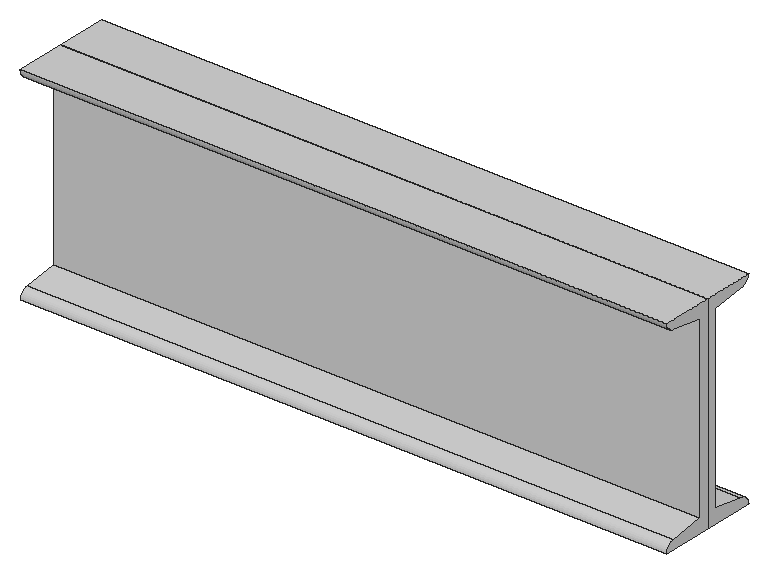
Revit family "07c9fe6157f34e94aa0a8daa9565012c", category Structural Framing, Revit 2021
Family settings
  Structural Framing Length Roundoff = 0' - 0"
  Section Shape = Not Defined
  Material for Model Behavior = Steel
  Always export as geometry = No
  OmniClass Number = 23.25.30.11.14.14
  OmniClass Title = Beams
  Seek Item ID = Double C-Channel-0000-USA-ENU
  Always vertical = Yes
  Cut with Voids When Loaded = No
  Symbolic Representation = From Project Settings
  Shared = No
  Show family pre-cut in plan views = Yes
Parameters (values of type "2C15X50")
  W = 100
  Structural Material [instance] = Steel ASTM A36
  Assembly Code = "B10"
  Length [instance] = 5' - 0"
  Space = 0' - 0"
  bf = 0' - 3 183/256"
  d = 1' - 3"
  tf = 0' - 0 83/128"
  tw = 0' - 0 183/256"
  A = 29.40 in²
Reference planes (in)
  plane 1 "Center (Front/Back)": y = 0
  plane 2: z = 0
  plane 3 "Center (Left/Right)": x = 0.1815
  plane 4 "Member Left": x = -27.8185
  plane 5 "Member Right": x = 19.1815
  plane 6: y = 3.71484
  plane 7: y = -3.71484
  plane 8: z = -7.5
  plane 9: y = 0
  plane 10: y = 0
  plane 11 "Left": x = -34.3185
  plane 12 "Right": x = 25.6815
  plane 13: z = 7.5
Forms (in)
  Sweep 1, solid, material "Steel ASTM A36" <- "Structural Material", detail levels fine
    path origin (0, 0, 0) x (1, 0, 0) y (0, 1, 0)
      loop
        line (19.1815, 0) -> (-27.8185, 0)
    profile "Double C-Channel-Profile-Fine : Double C-Channel-Profile-Fine" origin (-4.3185, 0, 0) x (0, -1, 0) y (0, 0, 1)
      loop
        line (0, -7.5) -> (3.71484, -7.5)
        arc (3.71484, -7.5) -> (3.52492, -7.04149) -> (3.06641, -6.85156) r 0.64844
        line (3.06641, -6.85156) -> (0.71484, -6.47911) -> (0.71484, 6.47911) -> (3.06641, 6.85156)
        arc (3.06641, 6.85156) -> (3.52492, 7.04149) -> (3.71484, 7.5) r 0.64844
        line (3.71484, 7.5) -> (0, 7.5) -> (0, -7.5)
  Sweep 2, solid, material "Steel ASTM A36" <- "Structural Material", detail levels medium
    path origin (0, 0, 0) x (1, 0, 0) y (0, 1, 0)
      loop
        line (19.1815, 0) -> (-27.8185, 0)
    profile "Double C-Channel-Profile-Medium : Double C-Channel-Profile-Medium" origin (-4.3185, 0, 0) x (0, -1, 0) y (0, 0, 1)
      loop
        line (0, -7.5) -> (0, 7.5) -> (-3.71484, 7.5) -> (-3.71484, 6.85156) -> (-0.71484, 6.37641) -> (-0.71484, -6.37641) -> (-3.71484, -6.85156) -> (-3.71484, -7.5) -> (0, -7.5)
  Sweep 3, solid, material "Steel ASTM A36" <- "Structural Material", detail levels fine
    path origin (0, 0, 0) x (1, 0, 0) y (0, -1, 0)
      loop
        line (19.1815, 0) -> (-27.8185, 0)
    profile "Double C-Channel-Profile-Fine : Double C-Channel-Profile-Fine" origin (-4.3185, 0, 0) x (0, -1, 0) y (0, 0, 1)
      loop
        line (0, -7.5) -> (0, 7.5) -> (-3.71484, 7.5)
        arc (-3.71484, 7.5) -> (-3.52492, 7.04149) -> (-3.06641, 6.85156) r 0.64844
        line (-3.06641, 6.85156) -> (-0.71484, 6.47911) -> (-0.71484, -6.47911) -> (-3.06641, -6.85156)
        arc (-3.06641, -6.85156) -> (-3.52492, -7.04149) -> (-3.71484, -7.5) r 0.64844
        line (-3.71484, -7.5) -> (0, -7.5)
  Sweep 4, solid, material "Steel ASTM A36" <- "Structural Material", detail levels medium
    path origin (0, 0, 0) x (1, 0, 0) y (0, -1, 0)
      loop
        line (19.1815, 0) -> (-27.8185, 0)
    profile "Double C-Channel-Profile-Medium : Double C-Channel-Profile-Medium" origin (-4.3185, 0, 0) x (0, -1, 0) y (0, 0, 1)
      loop
        line (0, -7.5) -> (3.71484, -7.5) -> (3.71484, -6.85156) -> (0.71484, -6.37641) -> (0.71484, 6.37641) -> (3.71484, 6.85156) -> (3.71484, 7.5) -> (0, 7.5) -> (0, -7.5)
Lines and regions (in)
  symbolic lines, style "Hidden Faces", detail levels medium+fine
    curve 1: line (-27.8185, 0.71484, 0) -> (19.1815, 0.71484, 0)
    curve 2: line (-27.8185, -0.71484, 0) -> (19.1815, -0.71484, 0)
  symbolic lines, style "Stick Symbols", detail levels coarse
    curve 3: line (0.1815, 3.71484, 7.5) -> (0.1815, 0, 7.5)
    curve 4: line (0.1815, 0, 7.5) -> (0.1815, 0, -7.5)
    curve 5: line (0.1815, 0, -7.5) -> (0.1815, 3.71484, -7.5)
    curve 6: line (0.1815, -3.71484, 7.5) -> (0.1815, 0, 7.5)
    curve 7: line (0.1815, 0, 7.5) -> (0.1815, 0, -7.5)
    curve 8: line (0.1815, 0, -7.5) -> (0.1815, -3.71484, -7.5)
Dimensions and locks (in)
  equal spacing: plane 9, plane 1 "Center (Front/Back)", plane 10
  "bf": plane 10 to plane 7
  "bf": plane 6 to plane 9
  "Space": plane 9 to plane 10
  "Length": plane 11 "Left" to plane 12 "Right"
  equal spacing: plane 13, level, plane 8
  "d": plane 13 to plane 8
  "tw": curve 2 to plane 10
  "tw": plane 9 to curve 1
  aligned and locked: Sweep 1 sketch curve to plane 1 "Center (Front/Back)"
  aligned and locked: Sweep 2 sketch curve to plane 1 "Center (Front/Back)"
  aligned and locked: plane 2 to level
  aligned and locked: plane 13 to Sweep 2
  aligned and locked: plane 8 to Sweep 2
  aligned and locked: plane 6 to Sweep 2  (x4)
  aligned and locked: Sweep 2 to plane 9
  aligned and locked: plane 4 "Member Left" to Sweep 3 sketch curve
  aligned and locked: plane 5 "Member Right" to Sweep 3 sketch curve
  aligned and locked: plane 4 "Member Left" to Sweep 2 sketch curve
  aligned and locked: plane 5 "Member Right" to Sweep 2 sketch curve
  aligned and locked: plane 4 "Member Left" to Sweep 4 sketch curve
  aligned and locked: plane 5 "Member Right" to Sweep 4 sketch curve
  aligned and locked: plane 4 "Member Left" to Sweep 1 sketch curve
  aligned and locked: plane 5 "Member Right" to Sweep 1 sketch curve
  aligned and locked: plane 4 "Member Left" to curve 1
  aligned and locked: plane 4 "Member Left" to curve 2
  aligned and locked: plane 5 "Member Right" to curve 2
  aligned and locked: plane 5 "Member Right" to curve 1
  aligned and locked: plane 13 to curve 6
  aligned and locked: plane 7 to curve 8
  aligned and locked: plane 7 to curve 6
  aligned and locked: plane 6 to curve 3
  aligned and locked: curve 3 to plane 13
  aligned and locked: plane 9 to curve 4
  aligned and locked: curve 5 to plane 8
  aligned and locked: plane 6 to curve 5
Automatic sketch dimensions
  Sweep 3 sketch curve to plane 1 "Center (Front/Back)" = 0' - 0"
  Sweep 4 sketch curve to plane 1 "Center (Front/Back)" = 0' - 0"
